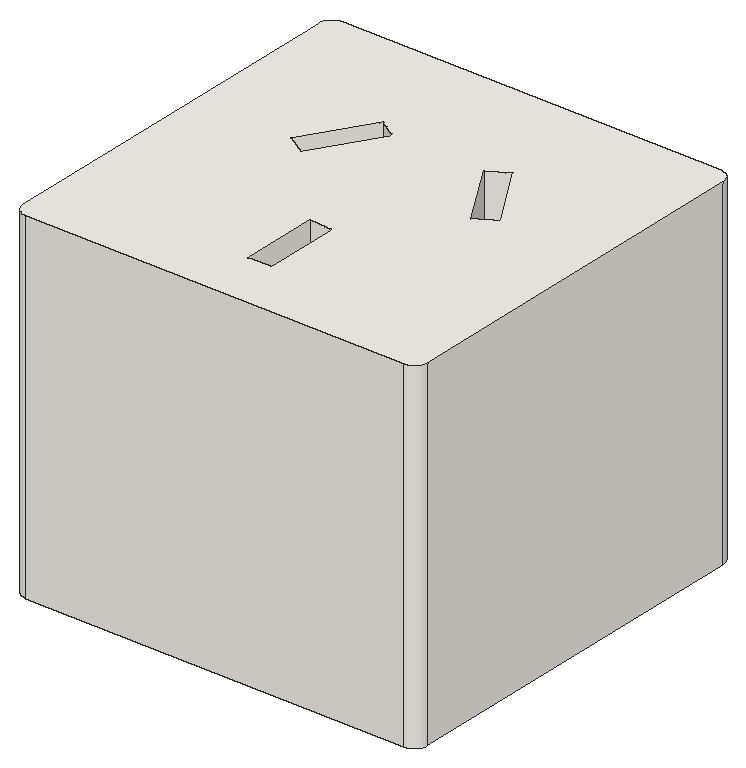
Revit family "Domotics-DomesticRanges-GEWISS-CHORUS_POWER-SOCKET-OUTLET_AUS", category Apparecchi elettrici, host Superficie, Revit 2016
Family settings
  Host = Superficie
  Mantenere orientamento annotazione = Sì
  Tipo di parte = Normale
  Quota connettore circolare = Usa diametro
  Taglio con vuoti quando caricato = Sì
  Condiviso = Sì
  Punto di calcolo locali = Sì
Parameters (values of type "GW14307 - Socket outlet 2M 2P+E 15A australian standard titanium")
  Wiring terminals = "With screw"
  Voltage: = "250 V ac"
  Voltage = "250 V ac"
  Volt = 230 V
  Vista in pianta [instance] = yes
  Version file RFA = "19.0"
  URL = "https://www.gewiss.com/ww/en"
  Thermo-pressure with ball = "125 °C"
  Terminal tightening capacity rigid cables (mm2) = "min. 0,5 - max. 2x2,5"
  Terminal tightening capacity flexible cables (mm2) = "min. 0,75 - max. 2x4"
  Terminal grip on cable traction = "> 50 N"
  Technical sheet = "https://www.gewiss.com/ww/en/search?q=GW14307"
  TXT ELETTRICO = "15"
  TIPO_ = Chorus Prese Australia_GENERICO : GW14307 Presa 2M 2P+T 15A standard Australiano titanio
  Standard; = "IEC 60884-1; AS/NZS 3112"
  Standard: = "Australian"
  Standard = "Australian"
  Simbolo [instance] = yes
  SEO = "Socket outlet"
  Resistance at test voltage = "2000 V at 50 Hz for 1 minute"
  Realized by GEWISS S.p.A. = ""
  Default Elevation = 1219.2 mm
  Prolonged operation (no.of position changes) = "10.000 at In 250 V ac cosØ=0,8"
  Produttore = "GEWISS S.p.A."
  Offset presa [instance] = 0 mm
  Offset bidimensionale [instance] = 2 mm
  No. Chorus modules: = "2"
  No. Chorus modules = "2"
  N. poli = 1
  Modello = "GW14307"
  Insulation resistance = "> 5 MOhm"
  Immagine tipo = GW14307.jpg
  IFC.TypeObject = ""
  IFC.ExportType = ""
  IFC.ExportAs = ""
  IDT = "50b4fa2c-1c23-451b-8599-15baeb98b52f"
  IDF = "73681ca5-b756-4457-b06b-a96d388490b1"
  Glow Wire Test = "850°C"
  For plug pins = "Flat"
  Finitura = GEWISS TITANIO
  Electrocod = "0131"
  EAN code = "8011564266483"
  Distanza_x [instance] = 0 mm
  Distanza_effettiva_x [instance] = 1000 mm - Distanza_x  # 1000 mm
  Descrizione = "SOCKET 2M 2P+E 15A AUS STANDARD TITANIUM"
  Description: = "2P+E - 15A"
  Description. = "Socket-outlet"
  Colour = "Titanium"
  Category = "Socket-outlet"
  Catalogue Range = "CHORUS - DOMESTIC RANGE"
  Catalogue = "DOMOTICS"
  Carico apparente = 0 VA
  COBie.Tagnumber = ""
  COBie.CreatedOn = ""
  COBie.CreatebBy = ""
  COBie.ComponentRegisterItemID = ""
  COBie.Component.TagNumber = ""
  COBie.Component.Space = ""
  COBie.Component.SerialNumber = ""
  COBie.Component.InstallationDate = ""
  COBie.Component.Description = ""
  COBie.Component.BarCode = ""
  Breaking capacity: = "1.25 In (100 position changes)"
Types (6, lengths in mm): name | Technical sheet | TXT ELETTRICO | TIPO_ | Modello | Immagine tipo | IDT | Finitura | EAN code | Descrizione | Description: | Colour
  GW10306 - Socket outlet 2M 2P+E 10A australian standard white | "https://www.gewiss.com/ww/en/search?q=GW10306" | "15" | Chorus Prese Australia_GENERICO : GW14307 Presa 2M 2P+T 15A standard Australiano titanio | "GW10306" | GW14307.jpg | "1d4d458d-f72e-4bf7-b1d5-c450a78aeab7" | GEWISS TITANIO | "8011564258020" | "S. OUTLET 2M 2P+E 10A AUS ST WHITE" | "2P+E - 10A" | "White"
  GW10307 - Socket outlet 2M 2P+E 10A australian standard white | "https://www.gewiss.com/ww/en/search?q=GW10307" | "15" | Chorus Prese Australia_GENERICO : GW10307 Presa 2M 2P+T 15A standard Australiano bianco | "GW10307" | GW10307.jpg | "16967ed4-a74b-4e32-bb93-21879bcf384f" | GEWISS BIANCO | "8011564258037" | "S. OUTLET 2M 2P+E 15A AUS ST WHITE" | "2P+E - 15A" | "White"
  GW12306 - Socket outlet 2M 2P+E 15A australian standard black | "https://www.gewiss.com/ww/en/search?q=GW12306" | "10" | Chorus Prese Australia_GENERICO : GW12306 Presa 2M 2P+T 10A standard Australiano nero | "GW12306" | GW12306.jpg | "e810515d-9edb-4259-b8fe-02d5da097910" | GEWISS NERO | "8011564266995" | "SOCKET 2M 2P+E 10A AUS STANDARD BLACK" | "2P+E - 10A" | "Black"
  GW12307 - Socket outlet 2M 2P+E 15A australian standard black | "https://www.gewiss.com/ww/en/search?q=GW12307" | "15" | Chorus Prese Australia_GENERICO : GW12307 Presa 2M 2P+T 15A standard Australiano nero | "GW12307" | GW12307.jpg | "26b46693-6e5c-4690-9c60-ce23d93cb2df" | GEWISS NERO | "8011564267008" | "SOCKET 2M 2P+E 15A AUS STANDARD BLACK" | "2P+E - 15A" | "Black"
  GW14306 - Socket outlet 2M 2P+E 10A australian standard titanium | "https://www.gewiss.com/ww/en/search?q=GW14306" | "10" | Chorus Prese Australia_GENERICO : GW14306 Presa 2M 2P+T 10A standard Australiano titanio | "GW14306" | GW14306.jpg | "a18c8ebc-8ef5-42fc-9018-2fa096c12d5c" | GEWISS TITANIO | "8011564266476" | "SOCKET 2M 2P+E 10A AUS STANDARD TITANIUM" | "2P+E - 10A" | "Titanium"
  GW14307 - Socket outlet 2M 2P+E 15A australian standard titanium | "https://www.gewiss.com/ww/en/search?q=GW14307" | "15" | Chorus Prese Australia_GENERICO : GW14307 Presa 2M 2P+T 15A standard Australiano titanio | "GW14307" | GW14307.jpg | "50b4fa2c-1c23-451b-8599-15baeb98b52f" | GEWISS TITANIO | "8011564266483" | "SOCKET 2M 2P+E 15A AUS STANDARD TITANIUM" | "2P+E - 15A" | "Titanium"
Reference planes
  plane 1 "Centro (Fronte/Retro)": y = 0
  plane 2: z = 0
  plane 3 "Centro (Sinistra/Destra)": x = 0
  plane 4: x = -1000
  plane 5: x = 0
  plane 6: z = 0
  plane 7: z = 41
  plane 8: z = 39
Lines and regions (mm)
  Masking region 1, visible <- "Vista in pianta"
    outline origin (0, 0, 0) x (1, 0, 0) y (0, 1, 0)
      loop
        line (-23, 21) -> (-23, -21)
        arc (-23, -21) -> (-22.561, -22.061) -> (-21.5, -22.5) r 1.5
        line (-21.5, -22.5) -> (21.5, -22.5)
        arc (21.5, -22.5) -> (22.561, -22.061) -> (23, -21) r 1.5
        line (23, -21) -> (23, 21)
        arc (23, 21) -> (22.561, 22.061) -> (21.5, 22.5) r 1.5
        line (21.5, 22.5) -> (-21.5, 22.5)
        arc (-21.5, 22.5) -> (-22.561, 22.061) -> (-23, 21) r 1.5
      loop
        line (-1.339, -7.4) -> (-1.339, -16.128) -> (1.296, -16.128) -> (1.296, -7.4) -> (-1.339, -7.4)
      loop
        line (-9.737, 1.803) -> (-5.184, 9.25) -> (-7.432, 10.625) -> (-11.985, 3.178) -> (-9.737, 1.803)
      loop
        line (7.39, 10.625) -> (5.142, 9.25) -> (9.695, 1.803) -> (11.943, 3.178) -> (7.39, 10.625)
  Masking region 2, visible <- "Vista in pianta"
    outline origin (0, 0, 0) x (1, 0, 0) y (0, 0, 1)
      loop
        line (-23, 39) -> (-23, 0) -> (23, 0) -> (23, 39) -> (-23, 39)
  Masking region 3, visible <- "Vista in pianta"
    outline origin (0, 0, 0) x (0, 1, 0) y (0, 0, 1)
      loop
        line (-22.5, 39) -> (-22.5, 0) -> (22.5, 0) -> (22.5, 39) -> (-22.5, 39)
Dimensions and locks
  plane 4 to plane 3 "Centro (Sinistra/Destra)" = 1000 mm
  "Distanza_effettiva_x": plane 4 to plane 5
  "Offset presa": plane 6 to host face
  locked: plane 8 to plane 6 at 39
  "Offset bidimensionale": plane 7 to plane 8
  aligned and locked: plane 2 to host face
  aligned and locked: level to host face
  aligned and locked: plane 5 to nested 1
  aligned and locked: plane 3 "Centro (Sinistra/Destra)" to nested 2
  aligned and locked: plane 1 "Centro (Fronte/Retro)" to nested 2
  aligned and locked: nested 2 to plane 6
  aligned and locked: nested 2 to plane 8
  aligned and locked: Masking region 1 sketch curve to nested 2  (x4)
  aligned and locked: plane 7 to import instance
  aligned and locked: Masking region 2 sketch curve to nested 2  (x2)
  aligned and locked: plane 8 to Masking region 2 sketch curve
  aligned and locked: plane 6 to Masking region 2 sketch curve
  aligned and locked: Masking region 3 sketch curve to nested 2  (x2)
  aligned and locked: plane 8 to Masking region 3 sketch curve
  aligned and locked: plane 6 to Masking region 3 sketch curve
Automatic sketch dimensions
  host sketch curve to host sketch curve = 2438.4 mm  (x2)
  Masking region 1 sketch curve to Masking region 1 sketch curve = 1.5 mm  (x4)
  Masking region 1 sketch curve to plane 3 "Centro (Sinistra/Destra)" = 1.339 mm
  plane 1 "Centro (Fronte/Retro)" to Masking region 1 sketch curve = 7.4 mm
  plane 3 "Centro (Sinistra/Destra)" to Masking region 1 sketch curve = 1.296 mm
  Masking region 1 sketch curve to Masking region 1 sketch curve = 8.729 mm
  Masking region 1 sketch curve to plane 3 "Centro (Sinistra/Destra)" = 7.432 mm
  Masking region 1 sketch curve to Masking region 1 sketch curve = 2.248 mm  (x2)
  Masking region 1 sketch curve to plane 1 "Centro (Fronte/Retro)" = 9.25 mm
  Masking region 1 sketch curve to Masking region 1 sketch curve = 1.374 mm
  Masking region 1 sketch curve to plane 1 "Centro (Fronte/Retro)" = 1.803 mm  (x2)
  plane 3 "Centro (Sinistra/Destra)" to Masking region 1 sketch curve = 5.142 mm
  Masking region 1 sketch curve to Masking region 1 sketch curve = 4.553 mm
  Masking region 1 sketch curve to plane 1 "Centro (Fronte/Retro)" = 3.178 mm
Nested families
  nested 1: "SIMBOLO PRESE" at (0, 100, 0), TESTO ELETTRICO <- "TXT ELETTRICO", SIMBOLO <- "Simbolo", visible <- "Simbolo", type "PRESA"
    with TESTO ELETTRICO "15", SIMBOLO yes, Distanza dal muro 4.208 mm, BORDO ACCESO yes
  nested 2: "Chorus Prese Australia_GENERICO" at (0, 0, 0), type "GW10306 Presa 2M 2P+T 10A standard Australiano bianco", detail levels medium+fine
Connectors
  electrical at (0, 0, 0), driven by "N. poli", driven by "Volt", driven by "Carico apparente"
    settings: on nested 2, index 1, voltage 230 V, apparent load 0 VA, apparent load phase1 0 VA, apparent load phase2 0 VA, apparent load phase3 0 VA, power factor 1, load classification "Altro", number of poles 1, system type 31, power factor state 1, is connector primary yes, connector utility no, sub classification motor no, connector description ""
Definition of nested family "Chorus Prese Australia_GENERICO"
  Parameters (values of type "GW10306 Presa 2M 2P+T 10A standard Australiano bianco")
    Profondità presa = 39 mm
    Finitura Prese Israele = none
    Altezza da Terra = 750 mm
  Types (6): name
    GW10306 Presa 2M 2P+T 10A standard Australiano bianco
    GW10307 Presa 2M 2P+T 15A standard Australiano bianco
    GW12306 Presa 2M 2P+T 10A standard Australiano nero
    GW12307 Presa 2M 2P+T 15A standard Australiano nero
    GW14306 Presa 2M 2P+T 10A standard Australiano titanio
    GW14307 Presa 2M 2P+T 15A standard Australiano titanio
  Reference planes
    plane 1 "Centro (Fronte/Retro)": y = 0
    plane 2: z = 0
    plane 3 "Centro (Sinistra/Destra)": x = 0
    plane 4: z = 39
  Forms (mm)
    Extrusion 1, solid, material <- "Finitura Prese Israele"
      sketch origin (-51.637, -807.976, 7.5) x (1, 0, 0) y (0, 1, 0)
        loop
          arc (30.137, 830.476) -> (29.077, 830.037) -> (28.637, 828.976) r 1.5
          line (28.637, 828.976) -> (28.637, 786.976)
          arc (28.637, 786.976) -> (29.077, 785.916) -> (30.137, 785.476) r 1.5
          line (30.137, 785.476) -> (73.137, 785.476)
          arc (73.137, 785.476) -> (74.198, 785.916) -> (74.637, 786.976) r 1.5
          line (74.637, 786.976) -> (74.637, 828.976)
          arc (74.637, 828.976) -> (74.198, 830.037) -> (73.137, 830.476) r 1.5
          line (73.137, 830.476) -> (30.137, 830.476)
      from 31.5 to -7.5
    Extrusion 2, void
      sketch origin (0, 0, 0) x (1, 0, 0) y (0, 1, 0)
        loop
          line (-7.432, 10.625) -> (-11.985, 3.178) -> (-9.737, 1.803) -> (-5.184, 9.25) -> (-7.432, 10.625)
        loop
          line (5.142, 9.25) -> (9.695, 1.803) -> (11.943, 3.178) -> (7.39, 10.625) -> (5.142, 9.25)
        loop
          line (1.296, -7.4) -> (-1.339, -7.4) -> (-1.339, -16.128) -> (1.296, -16.128) -> (1.296, -7.4)
      from 29 to 39
  Cuts and joins
    Extrusion 2 cuts Extrusion 1
  Dimensions and locks
    "Profondità presa": plane 4 to level
    aligned and locked: level to plane 2
    aligned and locked: plane 4 to cut or joined group of Extrusion 1, Extrusion 2
    aligned and locked: Extrusion 1 to Extrusion 2
  Automatic sketch dimensions
    Extrusion 1 sketch curve to plane 3 "Centro (Sinistra/Destra)" = 23 mm
    Extrusion 1 sketch curve to Extrusion 1 sketch curve = 1.5 mm  (x3)
    plane 3 "Centro (Sinistra/Destra)" to Extrusion 1 sketch curve = 21.5 mm  (x2)
    plane 1 "Centro (Fronte/Retro)" to Extrusion 1 sketch curve = 22.5 mm
    Extrusion 1 sketch curve to plane 1 "Centro (Fronte/Retro)" = 21 mm
    Extrusion 2 sketch curve to plane 3 "Centro (Sinistra/Destra)" = 7.432 mm
    Extrusion 2 sketch curve to plane 1 "Centro (Fronte/Retro)" = 3.178 mm  (x2)
    Extrusion 2 sketch curve to Extrusion 2 sketch curve = 4.553 mm  (x2)
    Extrusion 2 sketch curve to Extrusion 2 sketch curve = 2.248 mm  (x2)
    Extrusion 2 sketch curve to plane 1 "Centro (Fronte/Retro)" = 1.803 mm  (x2)
    plane 3 "Centro (Sinistra/Destra)" to Extrusion 2 sketch curve = 5.142 mm
    plane 3 "Centro (Sinistra/Destra)" to Extrusion 2 sketch curve = 1.296 mm
    plane 1 "Centro (Fronte/Retro)" to Extrusion 2 sketch curve = 7.4 mm
    Extrusion 2 sketch curve to plane 3 "Centro (Sinistra/Destra)" = 1.339 mm
    Extrusion 2 sketch curve to Extrusion 2 sketch curve = 8.729 mm
Definition of nested family "SIMBOLO PRESE"
  Parameters (values of type "PRESA")
    TESTO ELETTRICO [instance] = "TXT"
    Simbolo = SIMBOLO PRESE_BASE : PRESA
    SIMBOLO [instance] = yes
    Distanza dal muro [instance] = 4.208 mm
    BORDO ACCESO [instance] = yes
  Reference planes
    plane 1: y = 0
    plane 2: x = 0
  Dimensions and locks
    aligned and locked: plane 1 to nested 1
    aligned and locked: plane 2 to nested 1
  Nested families
    nested 1: "SIMBOLO PRESE_BASE" at (0, 0, 0), type <- "Simbolo", TESTO ELETTRICO <- "TESTO ELETTRICO", BORDO ACCESO <- "BORDO ACCESO", visible <- "SIMBOLO", type "PRESA"
      with TESTO ELETTRICO "TXT", BORDO ACCESO yes
  Definition of nested family "SIMBOLO PRESE_BASE"
    Parameters (values of type "PRESA")
      TESTO ELETTRICO [instance] = "TXT"
      Distanza dal muro = 4.208 mm
      BORDO ACCESO [instance] = yes
    Reference planes
      plane 1: y = 0
      plane 2: x = 0
    Lines and regions (mm)
      detail lines, visible <- "BORDO ACCESO", not visible
        curve 1: line (-1.743, 9.208, 0) -> (2.057, 9.208, 0)
        curve 2: line (2.057, 9.208, 0) -> (2.057, 4.208, 0)
        curve 3: line (2.057, 4.208, 0) -> (-1.743, 4.208, 0)
        curve 4: line (-1.743, 4.208, 0) -> (-1.743, 9.208, 0)
        curve 5: line (-1.543, 9.008, 0) -> (1.857, 9.008, 0)
        curve 6: line (1.857, 9.008, 0) -> (1.857, 4.408, 0)
        curve 7: line (1.857, 4.408, 0) -> (-1.543, 4.408, 0)
        curve 8: line (-1.543, 4.408, 0) -> (-1.543, 9.008, 0)
      detail lines
        curve 9: line (0.783, 1.133, 0) -> (-0.783, 1.133, 0)
        curve 10: line (0, 1.133, 0) -> (0, 0.349, 0)
        curve 11: arc (-0.783, 1.916, 0) -> (0, 1.133, 0) -> (0.783, 1.916, 0) r 0.783
    Text (mm)
      label "TXT" at (0.016, 1.578, 0), shows "TESTO ELETTRICO"
